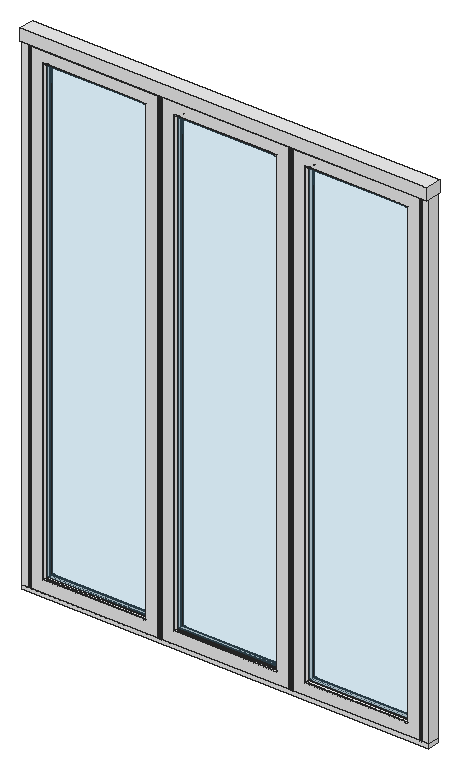
Revit family "Window-NanaWall-WD-66", category Windows, host Wall, Revit 2013
Parameters (values of type "Standard")
  Y N Override Stack [instance] = no
  Y N Override Number of Panels [instance] = no
  Warranty URL = "http://www.nanawall.com/support/warranty"
  URL = "http://www.nanawall.com/design/autocad"
  U Value = 0.2
  Thickness = 0' - 2 5/8"
  Subcategory = "Folding Window"  # constant formula
  Stack Thickness [instance] = 0' 2 153/256" * Panels  # 0' - 7 203/256"
  Split Stack Right [instance] = 4
  Split Stack [instance] = no
  Size Comment [instance] = if(or(Y N Override Stack, Y N Override Number of Panels), "CONTACT NANAWALL FOR SPECIAL SIZING", " ")  # " "
  Size Chart [instance] = "http://www.nanawall.com/products/wd66/sizes"
  Single Right Stack [instance] = if(and(Y N Override Stack, Left Stack), 1 = 0, if(Right Standard = 1, 1 = 1, if(and(C Split Stack, Split Stack Right = 1), 1 = 1, 1 = 0)))  # no
  Single Panel [instance] = if(and(Closed, Width < 3' 3 1/16"), 1 = 1, if(Width > 3' 3", 1 = 0, 1 = 0))  # no
  Single Left Stack [instance] = if(and(not(Y N Override Stack), (Left Standard = 1)), 1 = 1, if(and(Y N Override Stack, Left Stack, (Panels = 1)), 1 = 1, (if(and(C Split Stack, Split Stack Right = Panels - 1), 1 = 1, 1 = 0))))  # yes
  Sills Available = "Raised, Low Profile Saddle, Flush"  # constant formula
  Sash = Metal - NanaWall - Aluminum
  Rough Width = Width - (2 * (0' 1 141/256"))  # 7' - 8 115/128"
  Rough Height = Height - 0' 2 183/256"  # 9' - 7 73/256"
  Right Standard [instance] = roundup(Panels / 2)  # 2
  Right Stack Width [instance] = RS C * Thickness  # 0' - 5 1/4"
  Right Stack [instance] = no
  RS C [instance] = if(RS = 1, 2, if(RS = 0, 2, if(C Split Stack, Split Stack Right, RS)))  # 2
  RS [instance] = if(Not Override Stack, Right Standard, if(C Right Stack, Panels, if(C Left Stack, 2, if(C Split Stack, Split Stack Right, 2))))  # 2
  Product Page URL = "http://www.nanawall.com/products/wd66"
  Performance URL = "http://www.nanawall.com/products/wd66/performance"
  Panels [instance] = if(Y N Override Number of Panels, Override Number of Panels, Panel Constraint)  # 3
  Panel Width [instance] = Opening Width / Panels  # 2' - 6.96615"
  Panel Height = Height Constraint - 0' 2 23/32"  # 9' - 7 9/32"
  Panel Constraint [instance] = if(Width < 3' 3", 1, if(Width < 6' 6", 2, if(Width < 9' 10", 3, if(Width < 13' 1", 4, if(Width < 16' 4", 5, if(Width < 19' 8", 6, if(Width < 22' 10", 7, if(Width < 26' 1", 8, if(Width < 29' 4", 9, if(Width < 32' 9", 10, if(Width < 36' 1", 11, if(Width < 39' 4", 12, if(Width < 42' 0", 13, if(Width < 45' 0", 14, if(Width < 48' 0", 15, if(Width < 51' 0", 16, if(Width < 54' 0", 17, if(Width < 57' 0", 18, if(Width < 60' 0", 19, 20)))))))))))))))))))  # 3
  Override Number of Panels [instance] = 4
  Opening Width = Width - (0' 1 141/256" + 0' 1 141/256")  # 7' - 8 115/128"
  Open Right Single [instance] = if(and(Open, Single Right Stack), 1 = 1, 1 = 0)  # no
  Open Right Multi [instance] = if(and(Open, Multiple Right Stack), 1 = 1, 1 = 0)  # no
  Open Left Single [instance] = if(and(Open, Single Left Stack), 1 = 1, 1 = 0)  # no
  Open Left Multi [instance] = if(and(Open, Multiple Left Stack), 1 = 1, 1 = 0)  # no
  Open [instance] = no
  Not Override Stack [instance] = not(Y N Override Stack)  # yes
  NanaWall Configurator = "http://www.nanawall.com/content/select-wizard"
  Multiple Right Stack [instance] = if(Width < 3' 3 1/16", 1 = 0, if(and(Right Standard < 1.5, Not Override Stack), 1 = 0, if(and(Right Standard > 1, Not Override Stack), 1 = 1, (if(and(C Split Stack, Split Stack Right > 1), 1 = 1, if(C Right Stack, 1 = 1, 1 = 0))))))  # yes
  Multiple Panel [instance] = if(and(Open, Width > 3' 3 1/16"), 1 = 0, if(and(Closed, Width > 3' 3 1/16"), 1 = 1, if(Width < 3' 3", 1 = 0, 1 = 1)))  # yes
  Multiple Left Stack [instance] = if(and(Left Standard > 1, Not Override Stack), 1 = 1, (if(and(C Split Stack, Split Stack Right < Panels - 1), 1 = 1, if(C Left Stack, 1 = 1, 1 = 0))))  # no
  Model = "WD-66"  # constant formula
  Max Panel Height = if(Panel Height > 9' 10", 9' 10", Panel Height)  # 9' - 7 9/32"
  Manufacturer Toll Free Phone = "(888) 411-NANA(6262)"  # constant formula
  Manufacturer Phone = "(415) 383-3148"  # constant formula
  Manufacturer Fax = "(415) 383-0312"  # constant formula
  Manufacturer Email = "mailto:info@nanawall.com"
  Manufacturer Address = "100 Meadowcreek Drive #250, Corte Madera, CA 94925"  # constant formula
  Manufacturer = "NanaWall Systems, Inc."  # constant formula
  Left Standard [instance] = rounddown(Panels / 2)  # 1
  Left Stack Width [instance] = LS C * Thickness  # 0' - 5 1/4"
  Left Stack [instance] = no
  LS C [instance] = if(LS = 1, 2, if(LS = 0, 2, if(C Split Stack, Panels - Split Stack Right, LS)))  # 2
  LS [instance] = if(Not Override Stack, Left Standard, if(C Left Stack, Panels, if(C Right Stack, 2, if(C Split Stack, Panels - Split Stack Right, 2))))  # 1
  Installation and Service URL = "http://www.nanawall.com/support/installer"
  Height Constraint = if(Height < 3' 3", 3' 3", if(Height > 9' 10", 9' 10", Height))  # 9' - 10"
  Height = 9' - 10"
  Wall Closure = By host
  Width = 8' - 0"
  Half Panel Width [instance] = Panel Width / 2  # 1' - 3.48307"
  Glazing Options = "http://www.nanawall.com/products/wd66/glazing"
  Glass Material = Glass - NanaWall - Generic
  Filler = Rubber - NanaWall - Black
  Exterior Wall Offset = 0' - 5"
  Engineering Details URL = "http://www.nanawall.com/products/wd66/component"
  Disclaimer = "Please note that the Revit model is for schematic purposes only.  To obtain a detailed 3D model, please go to the NanaWall's configurator at www.nanawall.com."  # constant formula
  Description = "Standard Wood Framed Folding System"  # constant formula
  Cost Info = "http://www.nanawall.com/design_wizard/wD66/quote-HL-4"
  Closed [instance] = not(Open)  # yes
  Clearance On [instance] = no
  C Split Stack [instance] = if(and(Y N Override Stack, Split Stack), 1 = 1, if(Right Stack, 1 = 0, if(Left Stack, 1 = 0, 1 = 0)))  # no
  C Right Stack [instance] = if(and(Y N Override Stack, Right Stack), 1 = 1, if(Left Stack, 1 = 0, if(Split Stack, 1 = 0, 1 = 1)))  # yes
  C Panels [instance] = if(Panels < 2, 2, Panels)  # 3
  C Left Stack [instance] = if(and(Y N Override Stack, Left Stack), 1 = 1, if(Right Stack, 1 = 0, if(Split Stack, 1 = 0, 1 = 0)))  # no
  Assembly Code = "B2030110"
  95 CSI = "8411"  # constant formula
  04 CSI = "08 41 13"  # constant formula
Reference planes (in)
  plane 1 "Center (Front/Back)": y = 0
  plane 2 "Center (Left/Right)": x = 0
  plane 3 "Left": x = -48
  plane 4 "Right": x = 48
  plane 5 "Top": z = 118
  plane 6: z = 115.2856791
  plane 7 "Top Edge Of Sill": z = 0.921875
  plane 8: z = 59
  plane 9: x = -46.4492188
  plane 10: x = 46.4492188
  plane 11: x = 40.9192913
  plane 12: x = 15.4830729
  plane 13: y = -2
  plane 14: y = -3.2978809
  plane 15: x = 46.1692913
  plane 16: x = -46.1692913
  plane 17: x = -40.9192913
Lines and regions (in)
  Opening 1
    outline origin (-90, -3, 0) x (1, 0, 0) y (0, 0, 1)
      loop
        line (42, 0) -> (138, 0) -> (138, 118) -> (42, 118) -> (42, 0)
  symbolic lines
    curve 1: line (-48, -0.7011719, 0) -> (48, -0.7011719, 0)
    curve 2: line (-48, -3.2988281, 0) -> (48, -3.2988281, 0)
  symbolic lines, visible <- "Clearance On"
    curve 3: line (-46.1692913, -34.2640268, 0) -> (-46.1692913, -3.2978809, 0)
    curve 4: line (46.1692913, -34.2640268, 0) -> (-46.1692913, -34.2640268, 0)
    curve 5: line (46.1692913, -3.2978809, 0) -> (46.1692913, -34.2640268, 0)
Text (in)
  text "Exterior" at (-74.9673292, 27.3110449, 0), in view "Ref. Level"
  text "Interior" at (-74.9673292, -25.1436555, 0), in view "Ref. Level"
  text "Exterior" at (0, 40.1514891, 123.0158834), in view "Right"
  text "Interior" at (0, -64.3913889, 123.0158834), in view "Right"
  text "Interior" at (0, -31.0159946, 123.0069277), in view "Left"
  text "Exterior" at (0, 54.5706505, 123.0069277), in view "Left"
Dimensions and locks (in)
  "Height Constraint": level to plane 5 "Top"
  "Width": plane 3 "Left" to plane 4 "Right"
  equal spacing: plane 3 "Left", plane 2 "Center (Left/Right)", plane 4 "Right"
  locked: level to plane 7 "Top Edge Of Sill" at 0.921875
  locked: plane 6 to plane 5 "Top" at 2.7143209
  equal spacing: level, plane 8, plane 5 "Top"
  locked: plane 3 "Left" to plane 9 at 1.5507813
  locked: plane 10 to plane 4 "Right" at 1.5507813
  host wall to host wall = 14' - 8"
  plane 10 to plane 4 "Right" = 0' - 1 141/256"
  "Right Stack Width": plane 11 to plane 15
  "Panel Width": plane 12 to plane 10
  "Exterior Wall Offset": host wall to plane 13
  equal spacing: group 1, group 3, group 2  (x3)
  group 5 to group 4 = 0' - 2 5/8"
  group 4 to group 5 = 0' - 0"  (x2)
  locked: plane 13 to plane 14 at 1.2978809
  plane 3 "Left" to plane 9 = 0' - 1 141/256"
  locked: plane 15 to plane 4 "Right" at 1.8307087
  locked: plane 3 "Left" to plane 16 at 1.8307087
  "Left Stack Width": plane 16 to plane 17
  group 6 to group 7 = 0' - 2 5/8"
  group 6 to group 7 = 0' - 0"  (x2)
  group 8 to group 9 = 0' - 2 167/256"
  group 8 to group 9 = 0' - 0"  (x2)
  group 11 to group 10 = 0' - 2 167/256"
  group 10 to group 11 = 0' - 0"  (x2)
  curve 2 to plane 13 to curve 1 = 0' - 1.29883" locked, 0' - 1.29883" locked
  "Panel Width": plane 14 to curve 4
  aligned and locked: plane 3 "Left" to Opening 1 sketch curve
  aligned and locked: plane 5 "Top" to Opening 1 sketch curve  (x2)
  aligned and locked: Opening 1 sketch curve to plane 4 "Right"
  aligned and locked: Opening 1 sketch curve to level
  aligned and locked: plane 9 to nested 2
  aligned and locked: nested 1 to nested 4
  aligned and locked: plane 5 "Top" to nested 4
  aligned and locked: plane 3 "Left" to nested 5
  aligned and locked: nested 3 to level
  aligned and locked: nested 2 to plane 13
  aligned and locked: plane 10 to nested 7
  aligned and locked: nested 7 to plane 13
  aligned and locked: nested 8 to plane 13
  aligned and locked: plane 14 to nested 9
  aligned and locked: nested 5 to plane 13
  aligned and locked: nested 3 to plane 13
  aligned and locked: plane 4 "Right" to nested 3
  aligned and locked: plane 3 "Left" to nested 3
  aligned and locked: nested 2 to level
  aligned and locked: nested 7 to level
  aligned and locked: nested 1 to level
  aligned and locked: level to nested 5
  aligned and locked: plane 14 to nested 6
  aligned and locked: nested 1 to plane 13
  aligned and locked: nested 1 to plane 4 "Right"
  aligned and locked: plane 15 to nested 6
  aligned and locked: nested 9 to plane 11
  aligned and locked: plane 14 to nested 11
  aligned and locked: plane 15 to nested 11
  aligned and locked: plane 14 to nested 12
  aligned and locked: plane 16 to nested 12
  aligned and locked: plane 14 to nested 10
  aligned and locked: plane 16 to nested 10
  aligned and locked: nested 14 to level
  aligned and locked: nested 15 to level
  aligned and locked: nested 16 to level
  aligned and locked: nested 17 to level
  aligned and locked: nested 16 to plane 14
  aligned and locked: nested 17 to plane 14
  aligned and locked: nested 15 to plane 14
  aligned and locked: nested 14 to plane 14
  aligned and locked: nested 14 to plane 16
  aligned and locked: nested 18 to level
  aligned and locked: nested 15 to plane 16
  aligned and locked: plane 15 to nested 16
  aligned and locked: nested 19 to level
  aligned and locked: plane 15 to nested 17
  aligned and locked: nested 18 to plane 14
  aligned and locked: nested 19 to plane 14
  aligned and locked: nested 13 to plane 17
  aligned and locked: nested 18 to plane 17
  aligned and locked: plane 11 to nested 19
  aligned and locked: plane 11 to nested 9
  aligned and locked: plane 14 to nested 13
  aligned and locked: nested 13 to plane 14
  aligned and locked: plane 3 "Left" to curve 1
  aligned and locked: plane 3 "Left" to curve 2
  aligned and locked: plane 4 "Right" to curve 1
  aligned and locked: plane 4 "Right" to curve 2
  aligned and locked: curve 3 to plane 16
  aligned and locked: curve 5 to plane 15
  aligned and locked: nested 20 to plane 9
  aligned and locked: nested 20 to plane 13
Automatic sketch dimensions
  curve 3 to plane 14 = 0' - 0"
  plane 14 to curve 5 = 0' - 0"
Nested families (in)
  nested 1: "Right-Jamb_WD-66" at (55.3020696, -2, 0), type "Right-Jamb_WD-66"
  nested 2: "Sash_WD-66_NanaWall" at (-30.978493, 5.7011719, 0), visible <- "Multiple Panel", type "Sash_WD-66_NanaWall"
  nested 3: "Sill_WD-66" at (7.3020696, -2, -0.921875), type "Sill_WD-66"
  nested 4: "Header_WD-66" at (7.3020696, -2, 0), type "Header_WD-66"
  nested 5: "Left-Jamb_WD-66" at (-40.6979304, -2, 0), type "Left-Jamb_WD-66"
  nested 6: "DetailItem_Panel" at (44.8115174, -17.1207874, 0), visible <- "Multiple Right Stack", type "DetailItem_Panel"
    with Panel Thickness 0' - 2 5/8", Panel Width 2' - 6.96615"
  nested 7: "Sash_WD-66_NanaWall" at (30.9537064, 5.7011719, 0), visible <- "Multiple Panel", type "Sash_WD-66_NanaWall"
  nested 8: "Sash_WD-66_NanaWall" at (-0.0123933, 5.7011719, 0), visible <- "Multiple Panel", type "Sash_WD-66_NanaWall"
  nested 9: "DetailItem_Panel" at (42.1865174, -17.1207874, 0), visible <- "Multiple Right Stack", type "DetailItem_Panel"
    with Panel Thickness 0' - 2 5/8", Panel Width 2' - 6.96615"
  nested 10: "DetailItem_Panel" at (-44.9020652, -17.1207874, 0), visible <- "Single Left Stack", type "DetailItem_Panel"
    with Panel Thickness 0' - 2 5/8", Panel Width 2' - 6.96615"
  nested 11: "DetailItem_Panel" at (44.8115174, -17.1207874, 0), visible <- "Single Right Stack", type "DetailItem_Panel"
    with Panel Thickness 0' - 2 5/8", Panel Width 2' - 6.96615"
  nested 12: "DetailItem_Panel" at (-44.9020652, -17.1207874, 0), visible <- "Multiple Left Stack", type "DetailItem_Panel"
    with Panel Thickness 0' - 2 5/8", Panel Width 2' - 6.96615"
  nested 13: "DetailItem_Panel" at (-42.2770652, -17.1207874, 0), visible <- "Multiple Left Stack", type "DetailItem_Panel"
    with Panel Thickness 0' - 2 5/8", Panel Width 2' - 6.96615"
  nested 14: "Sash_WD-66_NanaWall" at (-37.1692913, -18.7686067, 0) x (0, -1, 0) z (0, 0, 1), visible <- "Open Left Multi", type "Sash_WD-66_NanaWall"
  nested 15: "Sash_WD-66_NanaWall" at (-37.1692913, -18.7686067, 0) x (0, -1, 0) z (0, 0, 1), visible <- "Open Left Single", type "Sash_WD-66_NanaWall"
  nested 16: "Sash_WD-66_NanaWall" at (52.5716351, -18.7686067, 0) x (0, -1, 0) z (0, 0, 1), visible <- "Open Right Multi", type "Sash_WD-66_NanaWall"
  nested 17: "Sash_WD-66_NanaWall" at (52.5716351, -18.7686067, 0) x (0, -1, 0) z (0, 0, 1), visible <- "Open Right Single", type "Sash_WD-66_NanaWall"
  nested 18: "Sash_WD-66_NanaWall" at (-34.5169476, -18.7686067, 0) x (0, -1, 0) z (0, 0, 1), visible <- "Open Left Multi", type "Sash_WD-66_NanaWall"
  nested 19: "Sash_WD-66_NanaWall" at (49.9192913, -18.7686067, 0) x (0, -1, 0) z (0, 0, 1), visible <- "Open Right Multi", type "Sash_WD-66_NanaWall"
  nested 20: "Sash_WD-66_NanaWall" at (-0.0123471, 5.7011719, 0), visible <- "Single Panel", type "Sash_WD-66_NanaWall Full"
Definition of nested family "Right-Jamb_WD-66"
  Parameters (values of type "Right-Jamb_WD-66")
    Width = 1' - 0"
    Right Jamb = none
    Height = 9' - 7 9/32"
    Half = yes
    Assembly Code = ""
  Reference planes (in)
    plane 1 "Center (Front/Back)": y = 0
    plane 2: z = 0
    plane 3 "Center (Left/Right)": x = -7.3020696
    plane 4 "Top": z = 115.28125
  Forms (in)
    Sweep 1, solid, material <- "Right Jamb"
      path origin (-7.3020696, 0, 0) x (0, 1, 0) y (0, 0, -1)
        loop
          line (0, -115.28125) -> (0, 0)
      profile "Profile_Right-Jamb_WD66 : Profile_Right-Jamb_WD66" origin (-7.3020696, 0, 57.640625) x (0, -1, 0) y (-1, 0, 0)
        loop
          line (-1.2992126, 0) -> (1.2992126, 0) -> (1.2992126, 1.5748031) -> (-1.2992126, 1.5748031) -> (-1.2992126, 0)
  Lines and regions (in)
    Masking region 1
      outline origin (0, 0, 0) x (1, 0, 0) y (0, 1, 0)
        loop
          line (-7.3020696, 1.2992126) -> (-8.8768727, 1.2992126) -> (-8.8768727, -1.2992126) -> (-7.3020696, -1.2992126) -> (-7.3020696, 1.2992126)
  Dimensions and locks (in)
    "Height": plane 4 "Top" to level
    plane 4 "Top" to level = 9' - 7 9/32"
    aligned and locked: plane 3 "Center (Left/Right)" to nested 1
    aligned and locked: Masking region 1 sketch curve to plane 3 "Center (Left/Right)"
  Automatic sketch dimensions
    Sweep 1 sketch curve to level = 0' - 0"
    Sweep 1 sketch curve to plane 1 "Center (Front/Back)" = 0' - 0"
    Sweep 1 sketch curve to plane 4 "Top" = 0' - 0"
    Masking region 1 sketch curve to plane 3 "Center (Left/Right)" = 0' - 1.5748"
    plane 1 "Center (Front/Back)" to Masking region 1 sketch curve = 0' - 1.29921"
    Masking region 1 sketch curve to plane 1 "Center (Front/Back)" = 0' - 1.29921"
  Nested families (in)
    nested 1: "RightJamb_WD66" at (-12.5244976, 0.0393701, 0), type "RightJamb_WD66", detail levels fine
  Definition of nested family "RightJamb_WD66"
    Parameters (values of type "RightJamb_WD66")
      SmartBIM Object Version = 1  # constant formula
      SmartBIM Object Created By = "Reed Construction Data"  # constant formula
      Half Piece = yes
      Assembly Code = ""
      95 CSI = ""
      04 CSI = ""
    Reference planes (in)
      plane 1 "Center (Front/Back)": y = 0
      plane 2: z = 0
      plane 3 "Center (Left/Right)": x = 0
    Lines and regions (in)
      model lines, style "DetailComponents", in view "Ref. Level", visible <- "Half Piece"
        curve 1: line (0.4237998, -1.3385827, 0) -> (0.714554, -1.3385827, 0)
        curve 2: line (0.7736091, -1.2795276, 0) -> (0.7736091, -0.5708661, 0)
        curve 6: line (0.8523493, -1.3385827, 0) -> (3.0373887, -1.3385827, 0)
        curve 7: line (3.0373887, 1.2598425, 0) -> (0.7736091, 1.2598425, 0)
        curve 8: arc (0.0585694, -0.7683496, 0) -> (0.0669034, -0.7722358, 0) -> (0.0707896, -0.7639018, 0) r 0.0065022
        curve 9: arc (0.0829057, -0.7285851, 0) -> (0.0690065, -0.7380304, 0) -> (0.0674638, -0.7547642, 0) r 0.019685
        curve 10: arc (0.1345302, -0.7204724, 0) -> (0.139085, -0.7276127, 0) -> (0.1474799, -0.7264922, 0) r 0.007874
        curve 11: arc (0.1823077, -0.7204724, 0) -> (0.1868625, -0.7276127, 0) -> (0.1952573, -0.7264922, 0) r 0.007874
        curve 12: arc (0.2300851, -0.7204724, 0) -> (0.2338181, -0.7271696, 0) -> (0.2414775, -0.7275167, 0) r 0.007874
        curve 13: arc (0.2696739, -0.7202431, 0) -> (0.269725, -0.725248, 0) -> (0.2736558, -0.7283465, 0) r 0.0057952
        curve 14: arc (0.1081996, -0.5514536, 0) -> (0.101359, -0.5528033, 0) -> (0.0982719, -0.5590551, 0) r 0.007874
        curve 15: arc (-0.0020537, -0.5511811, 0) -> (-0.0080685, -0.5539736, 0) -> (-0.0098171, -0.5603703, 0) r 0.007874
        curve 16: arc (0.2163993, -0.5514536, 0) -> (0.2095587, -0.5528033, 0) -> (0.2064716, -0.5590551, 0) r 0.007874
        curve 17: arc (0.2848203, -0.6878408, 0) -> (0.2804085, -0.6761411, 0) -> (0.2679606, -0.6749603, 0) r 0.011811
        curve 18: arc (0.3669491, -0.5965592, 0) -> (0.3474107, -0.5717528, 0) -> (0.3160692, -0.5679039, 0) r 0.0414549
        curve 19: arc (0.233323, -0.5772994, 0) -> (0.2578397, -0.5805238, 0) -> (0.2823412, -0.5771851, 0) r 0.0931661
        curve 20: arc (0.2696739, -0.7202431, 0) -> (0.2792011, -0.7049553, 0) -> (0.2848203, -0.6878408, 0) r 0.0752184
        curve 21: arc (0.2822255, -0.7283465, 0) -> (0.354001, -0.6813623, 0) -> (0.3669491, -0.5965592, 0) r 0.1052291
        curve 22: arc (-0.0098171, -0.5603703, 0) -> (0.0142035, -0.6677049, 0) -> (0.0585694, -0.7683496, 0) r 0.5648652
        curve 23: arc (0.3011682, 0.5511811, 0) -> (0.3602233, 0.5245227, 0) -> (0.4192784, 0.5511811, 0) r 0.0787402
        curve 24: arc (0.3995934, 0.3937008, 0) -> (0.4135128, 0.3994664, 0) -> (0.4192784, 0.4133858, 0) r 0.019685
        curve 25: arc (0.4026451, 0.6028919, 0) -> (0.4132635, 0.6007797, 0) -> (0.4192784, 0.6097817, 0) r 0.0097436
        curve 26: arc (0.3011682, 0.6099785, 0) -> (0.3071831, 0.6009766, 0) -> (0.3178016, 0.6030887, 0) r 0.0097436
        curve 27: arc (0.2643842, 0.4212598, 0) -> (0.2583576, 0.4200611, 0) -> (0.2532486, 0.4166474, 0) r 0.015748
        curve 28: arc (0.337493, 0.4133858, 0) -> (0.3317288, 0.41915, 0) -> (0.3238548, 0.4212598, 0) r 0.015748
        curve 29: arc (-0.0232253, 0.4201185, 0) -> (-0.0208524, 0.402095, 0) -> (-0.0047274, 0.3937008, 0) r 0.019685
        curve 30: arc (0.0662462, 0.6168118, 0) -> (0.0553381, 0.6199912, 0) -> (0.0467958, 0.6124997, 0) r 0.011811
        curve 31: circle (3.3917194, -1.6732283, 0) r 0.1614173 normal (0, 0, 1)
        curve 32: circle (3.3917194, -1.6732283, 0) r 0.1604331 normal (0, 0, 1)
        curve 33: arc (3.0767587, -1.6732283, 0) -> (3.6144302, -1.8959391, 0) -> (3.3917194, -1.3582677, 0) r 0.3149606
        curve 34: circle (3.3917194, -1.6732283, 0) r 0.1811024 normal (0, 0, 1)
        curve 35: arc (3.70668, -1.3779528, 0) -> (3.7009144, -1.3640333, 0) -> (3.686995, -1.3582677, 0) r 0.019685
        curve 36: arc (3.0964438, -1.3582677, 0) -> (3.0825244, -1.3640333, 0) -> (3.0767587, -1.3779528, 0) r 0.019685
        curve 38: arc (3.6279398, -0.247697, 0) -> (3.6982538, 0.0329958, 0) -> (3.5098296, 0.2526062, 0) r 0.3149606
        curve 49: arc (3.5409911, -0.3346457, 0) -> (3.6024732, -0.309179, 0) -> (3.6279398, -0.247697, 0) r 0.0869487
        curve 50: arc (3.5098296, -0.3346457, 0) -> (3.4819908, -0.3461769, 0) -> (3.4704595, -0.3740157, 0) r 0.0393701
        curve 52: arc (3.527799, 0.5132687, 0) -> (3.5150013, 0.5069576, 0) -> (3.5098296, 0.4936585, 0) r 0.019685
        curve 53: arc (2.7633866, 0.1513451, 0) -> (2.7436332, 0.1533763, 0) -> (2.7321612, 0.1371678, 0) r 0.019685
        curve 54: arc (2.7321612, -0.215908, 0) -> (2.7436332, -0.2321164, 0) -> (2.7633866, -0.2300853, 0) r 0.019685
        curve 55: arc (3.2736091, 0.2526062, 0) -> (3.0851849, 0.0329958, 0) -> (3.1554989, -0.247697, 0) r 0.3149606
        curve 56: arc (3.3129792, -0.3740157, 0) -> (3.301448, -0.3461769, 0) -> (3.2736091, -0.3346457, 0) r 0.0393701
        curve 57: arc (3.1554989, -0.247697, 0) -> (3.1809656, -0.309179, 0) -> (3.2424476, -0.3346457, 0) r 0.0869487
        curve 58: arc (2.7633866, -0.2300853, 0) -> (2.8169811, -0.1756033, 0) -> (2.8503764, -0.1068616, 0) r 0.2362205
        curve 59: arc (2.945296, -0.1148294, 0) -> (2.9782575, -0.2238618, 0) -> (3.0373887, -0.321217, 0) r 0.4527559
        curve 60: arc (2.945296, -0.1148294, 0) -> (2.938593, -0.1030755, 0) -> (2.9258863, -0.0984252, 0) r 0.019685
        curve 61: arc (2.9258863, 0.019685, 0) -> (2.938593, 0.0243354, 0) -> (2.945296, 0.0360892, 0) r 0.019685
        curve 62: arc (2.9980186, 0.184209, 0) -> (2.9651786, 0.1124552, 0) -> (2.945296, 0.0360892, 0) r 0.4527559
        curve 63: arc (2.8503764, 0.0281215, 0) -> (2.8169811, 0.0968631, 0) -> (2.7633866, 0.1513451, 0) r 0.2362205
        curve 64: arc (2.8616951, -0.0984252, 0) -> (2.8546367, -0.1007663, 0) -> (2.8503764, -0.1068616, 0) r 0.011811
        curve 65: arc (2.8503764, 0.0281215, 0) -> (2.8546367, 0.0220262, 0) -> (2.8616951, 0.019685, 0) r 0.011811
        curve 66: arc (3.2736091, 0.4936585, 0) -> (3.2684374, 0.5069576, 0) -> (3.2556398, 0.5132687, 0) r 0.019685
        curve 67: arc (3.0481559, 0.5314212, 0) -> (3.033787, 0.5268906, 0) -> (3.0268302, 0.5135267, 0) r 0.019685
        curve 68: arc (2.722428, -0.104658, 0) -> (2.7421131, -0.0393701, 0) -> (2.722428, 0.0259178, 0) r 0.1181102
        curve 69: arc (2.9848851, 0.7130489, 0) -> (2.982266, 0.7069146, 0) -> (2.9852939, 0.7009713, 0) r 0.007874
        curve 70: arc (3.0137995, 0.6419162, 0) -> (3.0214665, 0.6407761, 0) -> (3.0263955, 0.6467584, 0) r 0.007874
        curve 71: arc (3.0400817, 0.6711584, 0) -> (3.0334517, 0.6705783, 0) -> (3.0296343, 0.6651265, 0) r 0.007874
        curve 72: arc (2.9376501, 0.7130489, 0) -> (2.935031, 0.7069146, 0) -> (2.9380589, 0.7009713, 0) r 0.007874
        curve 73: arc (3.0226831, 0.7802096, 0) -> (3.0175255, 0.781982, 0) -> (3.0124533, 0.779978, 0) r 0.007874
        curve 74: arc (3.0520942, 0.7561994, 0) -> (3.0559077, 0.7545118, 0) -> (3.0600483, 0.7550084, 0) r 0.007874
        curve 75: arc (3.0176803, 0.7334705, 0) -> (3.0125226, 0.7352429, 0) -> (3.0074504, 0.7332389, 0) r 0.007874
        curve 76: arc (3.1358139, 0.5497006, 0) -> (3.1473451, 0.5218617, 0) -> (3.1751839, 0.5103305, 0) r 0.0393701
        curve 77: arc (3.1252468, 0.6820576, 0) -> (3.1324562, 0.6830067, 0) -> (3.1358139, 0.6894568, 0) r 0.007874
        curve 78: arc (3.3523493, 0.5103305, 0) -> (3.3801881, 0.5218617, 0) -> (3.3917194, 0.5497006, 0) r 0.0393701
        curve 79: arc (3.1358139, 0.7316833, 0) -> (3.1323318, 0.7382187, 0) -> (3.1249653, 0.7389739, 0) r 0.007874
        curve 80: arc (3.1554989, 1.0221415, 0) -> (3.1415795, 1.0163759, 0) -> (3.1358139, 1.0024565, 0) r 0.019685
        curve 81: arc (3.3917194, 1.0024565, 0) -> (3.3859538, 1.0163759, 0) -> (3.3720343, 1.0221415, 0) r 0.019685
        curve 89: arc (3.6082548, 0.5103305, 0) -> (3.6360937, 0.5218617, 0) -> (3.6476249, 0.5497006, 0) r 0.0393701
        curve 91: arc (3.3917194, 0.5497006, 0) -> (3.4032506, 0.5218617, 0) -> (3.4310895, 0.5103305, 0) r 0.0393701
        curve 93: arc (3.6476249, 1.0024565, 0) -> (3.6418593, 1.0163759, 0) -> (3.6279398, 1.0221415, 0) r 0.019685
        curve 94: arc (3.4114044, 1.0221415, 0) -> (3.397485, 1.0163759, 0) -> (3.3917194, 1.0024565, 0) r 0.019685
        curve 95: arc (2.9848062, -0.7770417, 0) -> (2.9817783, -0.782985, 0) -> (2.9843975, -0.7891193, 0) r 0.007874
        curve 96: arc (3.0259078, -0.7228289, 0) -> (3.0209788, -0.7168465, 0) -> (3.0133118, -0.7179866, 0) r 0.007874
        curve 97: arc (3.0291466, -0.7411969, 0) -> (3.032964, -0.7466487, 0) -> (3.0395941, -0.7472288, 0) r 0.007874
        curve 98: arc (2.9375712, -0.7770417, 0) -> (2.9345433, -0.782985, 0) -> (2.9371625, -0.7891193, 0) r 0.007874
        curve 99: arc (3.0119656, -0.8560485, 0) -> (3.0170378, -0.8580524, 0) -> (3.0221954, -0.85628, 0) r 0.007874
        curve 100: arc (3.0595606, -0.8310789, 0) -> (3.0554201, -0.8305822, 0) -> (3.0516066, -0.8322698, 0) r 0.007874
        curve 101: arc (3.0069628, -0.8093093, 0) -> (3.012035, -0.8113133, 0) -> (3.0171926, -0.8095409, 0) r 0.007874
        curve 102: arc (3.1746963, -0.5864009, 0) -> (3.1468574, -0.5979321, 0) -> (3.1353262, -0.625771, 0) r 0.0393701
        curve 103: arc (3.1353262, -0.7655272, 0) -> (3.1319685, -0.7590772, 0) -> (3.1247591, -0.758128, 0) r 0.007874
        curve 104: arc (3.3912317, -0.625771, 0) -> (3.3797005, -0.5979321, 0) -> (3.3518616, -0.5864009, 0) r 0.0393701
        curve 105: arc (3.1244776, -0.8150443, 0) -> (3.1318441, -0.8142891, 0) -> (3.1353262, -0.8077537, 0) r 0.007874
        curve 106: arc (3.1358139, -1.0828813, 0) -> (3.1427275, -1.093909, 0) -> (3.1550112, -1.0982119, 0) r 0.019685
        curve 107: arc (3.3715467, -1.0982119, 0) -> (3.3854661, -1.0924463, 0) -> (3.3912317, -1.0785269, 0) r 0.019685
        curve 115: arc (3.6471372, -0.625771, 0) -> (3.635606, -0.5979321, 0) -> (3.6077671, -0.5864009, 0) r 0.0393701
        curve 117: arc (3.4306018, -0.5864009, 0) -> (3.4027629, -0.5979321, 0) -> (3.3912317, -0.625771, 0) r 0.0393701
        curve 119: arc (3.6274522, -1.0982119, 0) -> (3.6413716, -1.0924463, 0) -> (3.6471372, -1.0785269, 0) r 0.019685
        curve 120: arc (3.3912317, -1.0785269, 0) -> (3.3969973, -1.0924463, 0) -> (3.4109168, -1.0982119, 0) r 0.019685
        curve 121: arc (0.714554, -1.3385827, 0) -> (0.7563123, -1.3212858, 0) -> (0.7736091, -1.2795276, 0) r 0.0590551
        curve 122: arc (0.2018252, -1.1831544, 0) -> (0.2883093, -1.2958627, 0) -> (0.4237998, -1.3385827, 0) r 0.2362205
        curve 153: arc (2.8846847, 0.0801354, 0) -> (2.9102878, 0.1184531, 0) -> (2.9192784, 0.1636519, 0) r 0.1181102
        curve 154: arc (2.9192784, -0.2423921, 0) -> (2.9102878, -0.1971932, 0) -> (2.8846847, -0.1588755, 0) r 0.1181102
        curve 155: arc (3.1358139, -0.6692913, 0) -> (3.1300482, -0.6553719, 0) -> (3.1161288, -0.6496063, 0) r 0.019685
        curve 156: arc (3.1228615, -0.7169219, 0) -> (3.1322539, -0.7097149, 0) -> (3.1358139, -0.698424, 0) r 0.019685
        curve 157: arc (3.1358139, 0.6196839, 0) -> (3.1322539, 0.6309748, 0) -> (3.1228615, 0.6381818, 0) r 0.019685
        curve 158: arc (3.1161288, 0.5708661, 0) -> (3.1300482, 0.5766318, 0) -> (3.1358139, 0.5905512, 0) r 0.019685
        curve 159: arc (2.7421131, -0.8070866, 0) -> (2.7142742, -0.8186178, 0) -> (2.702743, -0.8464567, 0) r 0.0393701
        curve 160: arc (2.8208532, -0.8464567, 0) -> (2.8486921, -0.8349255, 0) -> (2.8602233, -0.8070866, 0) r 0.0393701
        curve 161: arc (2.702743, -0.6692913, 0) -> (2.6749041, -0.6808226, 0) -> (2.6633729, -0.7086614, 0) r 0.0393701
        curve 162: arc (2.8693701, -0.1435609, 0) -> (2.8523773, -0.1380367, 0) -> (2.8379168, -0.1485326, 0) r 0.019685
        curve 163: arc (2.6739579, -0.3543307, 0) -> (2.7518238, -0.3315301, 0) -> (2.8214157, -0.2898174, 0) r 0.3188976
        curve 164: arc (2.7226389, -0.258337, 0) -> (2.7896414, -0.2132651, 0) -> (2.8379168, -0.1485326, 0) r 0.2401575
        curve 165: arc (2.8405383, -0.2990933, 0) -> (2.833882, -0.2884665, 0) -> (2.8214157, -0.2898174, 0) r 0.011811
        curve 166: arc (2.6240028, -0.3149606, 0) -> (2.6355341, -0.3427995, 0) -> (2.6633729, -0.3543307, 0) r 0.0393701
        curve 167: arc (2.694869, -0.2403889, 0) -> (2.7038688, -0.2569215, 0) -> (2.7226389, -0.258337, 0) r 0.019685
        curve 168: arc (2.8379168, 0.0697924, 0) -> (2.7896414, 0.1345249, 0) -> (2.7226389, 0.1795969, 0) r 0.2401575
        curve 169: arc (2.8214157, 0.2110773, 0) -> (2.7518238, 0.25279, 0) -> (2.6739579, 0.2755906, 0) r 0.3188976
        curve 170: arc (2.8379168, 0.0697924, 0) -> (2.8523773, 0.0592965, 0) -> (2.8693701, 0.0648207, 0) r 0.019685
        curve 171: arc (2.8214157, 0.2110773, 0) -> (2.833882, 0.2097263, 0) -> (2.8405383, 0.2203531, 0) r 0.011811
        curve 172: arc (2.6633729, 0.2755906, 0) -> (2.6355341, 0.2640593, 0) -> (2.6240028, 0.2362205, 0) r 0.0393701
        curve 173: arc (2.7226389, 0.1795969, 0) -> (2.7038688, 0.1781814, 0) -> (2.694869, 0.1616488, 0) r 0.019685
        curve 174: arc (2.702743, 0.7677165, 0) -> (2.7142742, 0.7398777, 0) -> (2.7421131, 0.7283465, 0) r 0.0393701
        curve 175: arc (2.8602233, 0.7283465, 0) -> (2.8486921, 0.7561853, 0) -> (2.8208532, 0.7677165, 0) r 0.0393701
        curve 176: arc (2.6633729, 0.6299213, 0) -> (2.6749041, 0.6020824, 0) -> (2.702743, 0.5905512, 0) r 0.0393701
        curve 177: arc (3.0373887, -1.3385827, 0) -> (3.1069858, -1.3097546, 0) -> (3.1358139, -1.2401575, 0) r 0.0984252
        curve 178: arc (3.1358139, -0.9448819, 0) -> (3.1127514, -0.8892042, 0) -> (3.0570737, -0.8661417, 0) r 0.0787402
        curve 179: arc (3.0570737, 0.7874016, 0) -> (3.1127514, 0.810464, 0) -> (3.1358139, 0.8661417, 0) r 0.0787402
        curve 180: arc (3.1358139, 1.1614173, 0) -> (3.1069858, 1.2310144, 0) -> (3.0373887, 1.2598425, 0) r 0.0984252
        curve 181: arc (0.8720343, -0.9000145, 0) -> (0.8674289, -0.8873612, 0) -> (0.8557676, -0.8806285, 0) r 0.019685
        curve 182: arc (0.7736091, -0.849624, 0) -> (0.7782146, -0.8622773, 0) -> (0.7898759, -0.86901, 0) r 0.019685
        curve 183: arc (0.8557676, -1.0288203, 0) -> (0.8674289, -1.0220877, 0) -> (0.8720343, -1.0094344, 0) r 0.019685
        curve 184: arc (0.7898759, -1.0404388, 0) -> (0.7782146, -1.0471715, 0) -> (0.7736091, -1.0598248, 0) r 0.019685
        curve 185: arc (0.7736091, -1.2598425, 0) -> (0.7966716, -1.3155202, 0) -> (0.8523493, -1.3385827, 0) r 0.0787402
        curve 186: arc (0.7736091, -1.2598425, 0) -> (0.7966716, -1.3155202, 0) -> (0.8523493, -1.3385827, 0) r 0.0787402
        curve 187: arc (0.4545703, 1.2598425, 0) -> (0.3190798, 1.2171225, 0) -> (0.2325957, 1.1044142, 0) r 0.2362205
        curve 188: arc (0.0685092, 0.6535903, 0) -> (0.0663476, 0.6206104, 0) -> (0.0822446, 0.591634, 0) r 0.0590551
        curve 189: line (0.0674638, -0.7547642, 0) -> (0.0707896, -0.7639018, 0)
        curve 190: line (0.2822255, -0.7283465, 0) -> (0.2736558, -0.7283465, 0)
        curve 191: line (0.0829057, -0.7285851, 0) -> (0.1345302, -0.7204724, 0)
        curve 192: line (0, -0.5514536, 0) -> (0.0982719, -0.578004, 0)
        curve 193: line (0.0982719, -0.578004, 0) -> (0.0982719, -0.5590551, 0)
        curve 194: line (0.2163993, -0.5514536, 0) -> (0.233323, -0.5772994, 0)
        curve 195: line (0.1081996, -0.5514536, 0) -> (0.2064716, -0.578004, 0)
        curve 196: line (0.2064716, -0.578004, 0) -> (0.2064716, -0.5590551, 0)
        curve 197: line (0.2823412, -0.5771851, 0) -> (0.3160692, -0.5679039, 0)
        curve 198: line (0.1823077, -0.7204724, 0) -> (0.1823077, -0.6971268, 0)
        curve 199: line (0.1823077, -0.6971268, 0) -> (0.1474799, -0.7264922, 0)
        curve 200: line (0.2300851, -0.7204724, 0) -> (0.2300851, -0.6971268, 0)
        curve 201: line (0.2300851, -0.6971268, 0) -> (0.1952573, -0.7264922, 0)
        curve 202: line (0.2679606, -0.6749603, 0) -> (0.2414775, -0.7275167, 0)
        curve 203: line (0.337493, 0.4133858, 0) -> (0.3556772, 0.4015748, 0)
        curve 204: line (0.3556772, 0.4015748, 0) -> (0.3995934, 0.3937008, 0)
        curve 205: line (-0.0047274, 0.3937008, 0) -> (0.2056646, 0.3937008, 0)
        curve 206: line (0.2056646, 0.3937008, 0) -> (0.2532486, 0.4166474, 0)
        curve 207: line (0.0467958, 0.6124997, 0) -> (-0.0232253, 0.4201185, 0)
        curve 208: line (0.4026451, 0.6028919, 0) -> (0.3838454, 0.6417323, 0)
        curve 209: line (0.3838454, 0.6417323, 0) -> (0.3838454, 0.6083554, 0)
        curve 210: line (0.3838454, 0.6083554, 0) -> (0.4192784, 0.5511811, 0)
        curve 211: line (0.4192784, 0.5511811, 0) -> (0.4192784, 0.4133858, 0)
        curve 212: line (0.4192784, 0.6120621, 0) -> (0.3838454, 0.6692913, 0)
        curve 213: line (0.3838454, 0.6692913, 0) -> (0.3366013, 0.6692913, 0)
        curve 214: line (0.3366013, 0.6692913, 0) -> (0.3011682, 0.6122762, 0)
        curve 215: line (0.2643842, 0.4212598, 0) -> (0.3238548, 0.4212598, 0)
        curve 216: line (0.3178016, 0.6030887, 0) -> (0.3366013, 0.6417323, 0)
        curve 217: line (0.3366013, 0.6417323, 0) -> (0.3366013, 0.6083554, 0)
        curve 218: line (0.3366013, 0.6083554, 0) -> (0.3011682, 0.5511811, 0)
        curve 219: line (0.3011682, 0.5511811, 0) -> (0.1318769, 0.5511811, 0)
        curve 220: line (0.1318769, 0.5511811, 0) -> (0.0662462, 0.6168118, 0)
        curve 221: line (0.4192784, 0.5511811, 0) -> (0.4192784, 0.6889764, 0)
        curve 222: line (0.4192784, 0.6889764, 0) -> (0.3011682, 0.6889764, 0)
        curve 223: line (0.3011682, 0.6889764, 0) -> (0.3011682, 0.5511811, 0)
        curve 224: line (0.3011682, 0.5511811, 0) -> (0.2421131, 0.5511811, 0)
        curve 225: line (0.2421131, 0.5511811, 0) -> (0.3011682, 0.5511811, 0)
        curve 226: line (0.3011682, 0.5511811, 0) -> (0.3011682, 0.6889764, 0)
        curve 227: line (0.3011682, 0.6889764, 0) -> (0.4192784, 0.6889764, 0)
        curve 228: line (0.4192784, 0.6889764, 0) -> (0.4192784, 0.5511811, 0)
        curve 229: line (0.4192784, 0.5511811, 0) -> (0.7736091, 0.5511811, 0)
        curve 230: line (0.7736091, 0.5511811, 0) -> (0.7736091, 0.3543307, 0)
        curve 231: line (0.7736091, 0.3543307, 0) -> (0.8720343, 0.3543307, 0)
        curve 232: line (3.0373887, -0.321217, 0) -> (3.0373887, -0.635336, 0)
        curve 233: line (3.0373887, -0.635336, 0) -> (3.1358139, -0.6439471, 0)
        curve 234: line (3.1358139, -0.6439471, 0) -> (3.1358139, -1.3582677, 0)
        curve 235: line (3.1358139, -1.3582677, 0) -> (3.0964438, -1.3582677, 0)
        curve 236: line (3.4704595, -1.3188976, 0) -> (3.6476249, -1.3188976, 0)
        curve 237: line (3.70668, -1.3779528, 0) -> (3.70668, -1.635264, 0)
        curve 238: line (3.4704595, -0.5125852, 0) -> (3.4704595, -0.6496063, 0)
        curve 239: line (3.4704595, -0.6496063, 0) -> (3.3995934, -0.6496063, 0)
        curve 240: line (3.3995934, -0.6496063, 0) -> (3.3995934, -0.7086614, 0)
        curve 241: line (3.3995934, -0.7086614, 0) -> (3.4704595, -0.7086614, 0)
        curve 242: line (3.4704595, -0.7086614, 0) -> (3.4704595, -1.1023622, 0)
        curve 243: line (3.4704595, -1.1023622, 0) -> (3.3995934, -1.1023622, 0)
        curve 244: line (3.3995934, -1.1023622, 0) -> (3.3995934, -1.1614173, 0)
        curve 245: line (3.3995934, -1.1614173, 0) -> (3.4704595, -1.1614173, 0)
        curve 246: line (3.4704595, -1.1614173, 0) -> (3.4704595, -1.3582677, 0)
        curve 247: line (3.4704595, -1.3582677, 0) -> (3.3917194, -1.3582677, 0)
        curve 248: line (3.3917194, -1.3582677, 0) -> (3.3129792, -1.3582677, 0)
        curve 249: line (3.3129792, -1.3582677, 0) -> (3.3129792, -1.1614173, 0)
        curve 250: line (3.3129792, -1.1614173, 0) -> (3.3838454, -1.1614173, 0)
        curve 251: line (3.3838454, -1.1614173, 0) -> (3.3838454, -1.1023622, 0)
        curve 252: line (3.3838454, -1.1023622, 0) -> (3.3129792, -1.1023622, 0)
        curve 253: line (3.3129792, -1.1023622, 0) -> (3.3129792, -0.7086614, 0)
        curve 254: line (3.3129792, -0.7086614, 0) -> (3.3838454, -0.7086614, 0)
        curve 255: line (3.3838454, -0.7086614, 0) -> (3.3838454, -0.6496063, 0)
        curve 256: line (3.3838454, -0.6496063, 0) -> (3.3129792, -0.6496063, 0)
        curve 257: line (3.3129792, -0.6496063, 0) -> (3.3129792, -0.5125833, 0)
        curve 258: line (3.0767587, -1.3779528, 0) -> (3.0767587, -1.6732283, 0)
        curve 259: line (3.5098296, 0.2526062, 0) -> (3.5098296, 0.3535585, 0)
        curve 260: line (3.5098296, 0.3535585, 0) -> (3.5098296, 0.394473, 0)
        curve 269: line (3.6476249, -1.3582677, 0) -> (3.686995, -1.3582677, 0)
        curve 270: line (3.4704595, -0.4716687, 0) -> (3.4822706, -0.492126, 0)
        curve 271: line (3.4822706, -0.492126, 0) -> (3.4704595, -0.5125852, 0)
        curve 272: line (3.4704595, -0.5125852, 0) -> (3.4704595, -0.4716687, 0)
        curve 273: line (3.4704595, -0.4716687, 0) -> (3.4704595, -0.3740157, 0)
        curve 274: line (3.5098296, -0.3346457, 0) -> (3.5409911, -0.3346457, 0)
        curve 275: line (3.527799, 0.5132687, 0) -> (3.7352828, 0.5314212, 0)
        curve 276: line (3.5098296, 0.3535585, 0) -> (3.5216406, 0.3740157, 0)
        curve 277: line (3.5216406, 0.3740157, 0) -> (3.5098296, 0.394473, 0)
        curve 278: line (3.5098296, 0.394473, 0) -> (3.5098296, 0.4936585, 0)
        curve 279: line (3.0268302, 0.5135267, 0) -> (2.9980186, 0.184209, 0)
        curve 280: line (3.2736091, 0.2526062, 0) -> (3.2736091, 0.3535585, 0)
        curve 281: line (3.2736091, 0.3535585, 0) -> (3.2617981, 0.3740157, 0)
        curve 282: line (3.2617981, 0.3740157, 0) -> (3.2736091, 0.394473, 0)
        curve 283: line (3.2736091, 0.394473, 0) -> (3.2736091, 0.4936585, 0)
        curve 284: line (3.2736091, -0.3346457, 0) -> (3.2424476, -0.3346457, 0)
        curve 285: line (3.3129792, -0.4716687, 0) -> (3.3129792, -0.3740157, 0)
        curve 286: line (3.3129792, -0.5125833, 0) -> (3.3011682, -0.492126, 0)
        curve 287: line (3.3011682, -0.492126, 0) -> (3.3129792, -0.4716687, 0)
        curve 288: line (3.3129792, -0.4716687, 0) -> (3.3129792, -0.5125833, 0)
        curve 289: line (2.9258863, -0.0984252, 0) -> (2.8616951, -0.0984252, 0)
        curve 290: line (2.8616951, 0.019685, 0) -> (2.9258863, 0.019685, 0)
        curve 291: line (3.2556398, 0.5132687, 0) -> (3.0481559, 0.5314212, 0)
        curve 292: line (3.2736091, 0.394473, 0) -> (3.2736091, 0.3535585, 0)
        curve 293: line (2.7321612, -0.215908, 0) -> (2.722428, -0.104658, 0)
        curve 294: line (2.722428, 0.0259178, 0) -> (2.7321612, 0.1371678, 0)
        curve 295: line (3.8250975, -1.6732283, 0) -> (2.9583413, -1.6732283, 0)
        curve 296: line (3.3917194, -1.2398502, 0) -> (3.3917194, -2.1066065, 0)
        curve 297: line (3.0600483, 0.7550084, 0) -> (3.1358139, 0.785921, 0)
        curve 298: line (3.1358139, 0.785921, 0) -> (3.1358139, 1.0024565, 0)
        curve 299: line (3.1252468, 0.6820576, 0) -> (3.0998033, 0.6913183, 0)
        curve 300: line (3.0998033, 0.6913183, 0) -> (2.9976743, 0.6913183, 0)
        curve 301: line (2.9976743, 0.6913183, 0) -> (2.9852939, 0.7009713, 0)
        curve 302: line (3.1358139, 0.5497006, 0) -> (3.1358139, 0.6363147, 0)
        curve 303: line (3.1358139, 0.6363147, 0) -> (3.0400817, 0.6711584, 0)
        curve 304: line (3.0176803, 0.7334705, 0) -> (3.0305931, 0.7229289, 0)
        curve 305: line (3.0305931, 0.7229289, 0) -> (3.0856397, 0.7229289, 0)
        curve 306: line (3.0856397, 0.7229289, 0) -> (3.1249653, 0.7389739, 0)
        curve 307: line (2.9376501, 0.7130489, 0) -> (3.0124533, 0.779978, 0)
        curve 308: line (2.9848851, 0.7130489, 0) -> (3.0074504, 0.7332389, 0)
        curve 309: line (3.0137995, 0.6419162, 0) -> (2.9380589, 0.7009713, 0)
        curve 310: line (3.0296343, 0.6651265, 0) -> (3.0263955, 0.6467584, 0)
        curve 311: line (3.0226831, 0.7802096, 0) -> (3.0520942, 0.7561994, 0)
        curve 312: line (3.1358139, 0.7316833, 0) -> (3.1358139, 0.6894568, 0)
        curve 313: line (3.3917194, 0.5497006, 0) -> (3.3917194, 1.0024565, 0)
        curve 314: line (3.3917194, 1.0024565, 0) -> (3.3917194, 0.5497006, 0)
        curve 315: line (3.3562863, 0.5457636, 0) -> (3.3562863, 0.7891884, 0)
        curve 316: line (3.3562863, 0.7891884, 0) -> (3.2637666, 0.7097786, 0)
        curve 317: line (3.2637666, 0.7097786, 0) -> (3.1712469, 0.7891884, 0)
        curve 318: line (3.1712469, 0.7891884, 0) -> (3.1712469, 0.5457636, 0)
        curve 319: line (3.3523493, 0.5103305, 0) -> (3.1751839, 0.5103305, 0)
        curve 320: line (3.1712469, 0.5457636, 0) -> (3.3562863, 0.5457636, 0)
        curve 321: line (3.1554989, 1.0221415, 0) -> (3.1724421, 1.0221415, 0)
        curve 322: line (3.1724421, 1.0221415, 0) -> (3.2637666, 0.9434013, 0)
        curve 323: line (3.2637666, 0.9434013, 0) -> (3.3550911, 1.0221415, 0)
        curve 324: line (3.3550911, 1.0221415, 0) -> (3.3720343, 1.0221415, 0)
        curve 325: line (3.1712469, 0.9867084, 0) -> (3.1712469, 0.8252911, 0)
        curve 326: line (3.1712469, 0.8252911, 0) -> (3.2637666, 0.7458813, 0)
        curve 327: line (3.2637666, 0.7458813, 0) -> (3.3562863, 0.8252911, 0)
        curve 328: line (3.3562863, 0.8252911, 0) -> (3.3562863, 0.9867084, 0)
        curve 329: line (3.3562863, 0.9867084, 0) -> (3.2637666, 0.9072986, 0)
        curve 330: line (3.2637666, 0.9072986, 0) -> (3.1712469, 0.9867084, 0)
        curve 347: line (3.4271524, 0.5457636, 0) -> (3.4271524, 0.7891884, 0)
        curve 348: line (3.4271524, 0.7891884, 0) -> (3.5196721, 0.7097786, 0)
        curve 349: line (3.5196721, 0.7097786, 0) -> (3.6121918, 0.7891884, 0)
        curve 350: line (3.6121918, 0.7891884, 0) -> (3.6121918, 0.5457636, 0)
        curve 351: line (3.4310895, 0.5103305, 0) -> (3.6082548, 0.5103305, 0)
        curve 352: line (3.6121918, 0.5457636, 0) -> (3.4271524, 0.5457636, 0)
        curve 353: line (3.6279398, 1.0221415, 0) -> (3.6109966, 1.0221415, 0)
        curve 354: line (3.6109966, 1.0221415, 0) -> (3.5196721, 0.9434013, 0)
        curve 355: line (3.5196721, 0.9434013, 0) -> (3.4283476, 1.0221415, 0)
        curve 356: line (3.4283476, 1.0221415, 0) -> (3.4114044, 1.0221415, 0)
        curve 357: line (3.6121918, 0.9867084, 0) -> (3.6121918, 0.8252911, 0)
        curve 358: line (3.6121918, 0.8252911, 0) -> (3.5196721, 0.7458813, 0)
        curve 359: line (3.5196721, 0.7458813, 0) -> (3.4271524, 0.8252911, 0)
        curve 360: line (3.4271524, 0.8252911, 0) -> (3.4271524, 0.9867084, 0)
        curve 361: line (3.4271524, 0.9867084, 0) -> (3.5196721, 0.9072986, 0)
        curve 362: line (3.5196721, 0.9072986, 0) -> (3.6121918, 0.9867084, 0)
        curve 363: line (3.0595606, -0.8310789, 0) -> (3.1353262, -0.8619914, 0)
        curve 364: line (3.1353262, -0.8619914, 0) -> (3.1353262, -1.0785269, 0)
        curve 365: line (3.1247591, -0.758128, 0) -> (3.0993156, -0.7673887, 0)
        curve 366: line (3.0993156, -0.7673887, 0) -> (2.9971866, -0.7673887, 0)
        curve 367: line (2.9971866, -0.7673887, 0) -> (2.9848062, -0.7770417, 0)
        curve 368: line (3.1353262, -0.625771, 0) -> (3.1353262, -0.7123851, 0)
        curve 369: line (3.1353262, -0.7123851, 0) -> (3.0395941, -0.7472288, 0)
        curve 370: line (3.0171926, -0.8095409, 0) -> (3.0301054, -0.7989993, 0)
        curve 371: line (3.0301054, -0.7989993, 0) -> (3.085152, -0.7989993, 0)
        curve 372: line (3.085152, -0.7989993, 0) -> (3.1244776, -0.8150443, 0)
        curve 373: line (2.9371625, -0.7891193, 0) -> (3.0119656, -0.8560485, 0)
        curve 374: line (2.9843975, -0.7891193, 0) -> (3.0069628, -0.8093093, 0)
        curve 375: line (3.0133118, -0.7179866, 0) -> (2.9375712, -0.7770417, 0)
        curve 376: line (3.0291466, -0.7411969, 0) -> (3.0259078, -0.7228289, 0)
        curve 377: line (3.0221954, -0.85628, 0) -> (3.0516066, -0.8322698, 0)
        curve 378: line (3.1353262, -0.8077537, 0) -> (3.1353262, -0.7655272, 0)
        curve 379: line (3.3912317, -0.625771, 0) -> (3.3912317, -1.0785269, 0)
        curve 380: line (3.3912317, -1.0785269, 0) -> (3.3912317, -0.625771, 0)
        curve 381: line (3.3557986, -0.621834, 0) -> (3.3557986, -0.8652588, 0)
        curve 382: line (3.3557986, -0.8652588, 0) -> (3.263279, -0.785849, 0)
        curve 383: line (3.263279, -0.785849, 0) -> (3.1707593, -0.8652588, 0)
        curve 384: line (3.1707593, -0.8652588, 0) -> (3.1707593, -0.621834, 0)
        curve 385: line (3.3518616, -0.5864009, 0) -> (3.1746963, -0.5864009, 0)
        curve 386: line (3.1707593, -0.621834, 0) -> (3.3557986, -0.621834, 0)
        curve 387: line (3.1550112, -1.0982119, 0) -> (3.1719544, -1.0982119, 0)
        curve 388: line (3.1719544, -1.0982119, 0) -> (3.263279, -1.0194718, 0)
        curve 389: line (3.263279, -1.0194718, 0) -> (3.3546035, -1.0982119, 0)
        curve 390: line (3.3546035, -1.0982119, 0) -> (3.3715467, -1.0982119, 0)
        curve 391: line (3.1707593, -1.0627788, 0) -> (3.1707593, -0.9013615, 0)
        curve 392: line (3.1707593, -0.9013615, 0) -> (3.263279, -0.8219517, 0)
        curve 393: line (3.263279, -0.8219517, 0) -> (3.3557986, -0.9013615, 0)
        curve 394: line (3.3557986, -0.9013615, 0) -> (3.3557986, -1.0627788, 0)
        curve 395: line (3.3557986, -1.0627788, 0) -> (3.263279, -0.9833691, 0)
        curve 396: line (3.263279, -0.9833691, 0) -> (3.1707593, -1.0627788, 0)
        curve 413: line (3.4266648, -0.621834, 0) -> (3.4266648, -0.8652588, 0)
        curve 414: line (3.4266648, -0.8652588, 0) -> (3.5191845, -0.785849, 0)
        curve 415: line (3.5191845, -0.785849, 0) -> (3.6117042, -0.8652588, 0)
        curve 416: line (3.6117042, -0.8652588, 0) -> (3.6117042, -0.621834, 0)
        curve 417: line (3.4306018, -0.5864009, 0) -> (3.6077671, -0.5864009, 0)
        curve 418: line (3.6117042, -0.621834, 0) -> (3.4266648, -0.621834, 0)
        curve 419: line (3.6274522, -1.0982119, 0) -> (3.610509, -1.0982119, 0)
        curve 420: line (3.610509, -1.0982119, 0) -> (3.5191845, -1.0194718, 0)
        curve 421: line (3.5191845, -1.0194718, 0) -> (3.42786, -1.0982119, 0)
        curve 422: line (3.42786, -1.0982119, 0) -> (3.4109168, -1.0982119, 0)
        curve 423: line (3.6117042, -1.0627788, 0) -> (3.6117042, -0.9013615, 0)
        curve 424: line (3.6117042, -0.9013615, 0) -> (3.5191845, -0.8219517, 0)
        curve 425: line (3.5191845, -0.8219517, 0) -> (3.4266648, -0.9013615, 0)
        curve 426: line (3.4266648, -0.9013615, 0) -> (3.4266648, -1.0627788, 0)
        curve 427: line (3.4266648, -1.0627788, 0) -> (3.5191845, -0.9833691, 0)
        curve 428: line (3.5191845, -0.9833691, 0) -> (3.6117042, -1.0627788, 0)
        curve 429: line (0.4237998, -1.3385827, 0) -> (0.714554, -1.3385827, 0)
        curve 430: line (0.2018252, -1.1831544, 0) -> (0.0649477, -0.7480315, 0)
        curve 431: line (0.0649477, -0.7480315, 0) -> (0.0846328, -0.7283465, 0)
        curve 432: line (0.0846328, -0.7283465, 0) -> (0.3799084, -0.7283465, 0)
        curve 433: line (0.3799084, -0.7283465, 0) -> (0.3799084, -0.5708661, 0)
        curve 434: line (0.3799084, -0.5708661, 0) -> (0.7736091, -0.5708661, 0)
        curve 435: line (0.7736091, -1.2795276, 0) -> (0.7736091, -1.0991949, 0)
        curve 495: line (2.8602233, -0.8070866, 0) -> (2.8602233, -0.7086614, 0)
        curve 496: line (2.8602233, -0.7086614, 0) -> (3.0373887, -0.7086614, 0)
        curve 497: line (3.0373887, -0.7086614, 0) -> (3.0373887, -0.7480315, 0)
        curve 498: line (3.0373887, -0.7480315, 0) -> (3.1228615, -0.7169219, 0)
        curve 499: line (3.1358139, -0.698424, 0) -> (3.1358139, -0.6692913, 0)
        curve 500: line (3.1161288, -0.6496063, 0) -> (2.9192784, -0.6496063, 0)
        curve 501: line (2.9192784, -0.6496063, 0) -> (2.9192784, -0.4928982, 0)
        curve 502: line (2.9192784, -0.4928982, 0) -> (2.9074674, -0.4724409, 0)
        curve 503: line (2.9074674, -0.4724409, 0) -> (2.9192784, -0.4519837, 0)
        curve 504: line (2.9192784, -0.4519837, 0) -> (2.9192784, -0.2423921, 0)
        curve 505: line (3.1228615, 0.6381818, 0) -> (3.0373887, 0.6692913, 0)
        curve 506: line (3.0373887, 0.6692913, 0) -> (3.0373887, 0.6299213, 0)
        curve 507: line (3.0373887, 0.6299213, 0) -> (2.8602233, 0.6299213, 0)
        curve 508: line (2.8602233, 0.6299213, 0) -> (2.8602233, 0.7283465, 0)
        curve 509: line (2.9192784, 0.1636519, 0) -> (2.9192784, 0.3732435, 0)
        curve 510: line (2.9192784, 0.3732435, 0) -> (2.9074674, 0.3937008, 0)
        curve 511: line (2.9074674, 0.3937008, 0) -> (2.9192784, 0.4141581, 0)
        curve 512: line (2.9192784, 0.4141581, 0) -> (2.9192784, 0.5708661, 0)
        curve 513: line (2.9192784, 0.5708661, 0) -> (3.1161288, 0.5708661, 0)
        curve 514: line (3.1358139, 0.5905512, 0) -> (3.1358139, 0.6196839, 0)
        curve 515: line (2.702743, -0.8464567, 0) -> (2.8208532, -0.8464567, 0)
        curve 516: line (2.6633729, -0.7086614, 0) -> (2.8208532, -0.7086614, 0)
        curve 517: line (2.8208532, -0.7086614, 0) -> (2.8208532, -0.8070866, 0)
        curve 518: line (2.8208532, -0.8070866, 0) -> (2.7421131, -0.8070866, 0)
        curve 519: line (2.8405383, 0.5905512, 0) -> (2.702743, 0.5905512, 0)
        curve 520: line (2.702743, 0.5905512, 0) -> (2.8405383, 0.5905512, 0)
        curve 521: line (2.8405383, 0.5905512, 0) -> (2.8405383, 0.2203531, 0)
        curve 522: line (2.694869, -0.2403889, 0) -> (2.694869, 0.1616488, 0)
        curve 523: line (2.6240028, 0.2362205, 0) -> (2.6240028, -0.3149606, 0)
        curve 524: line (2.8846847, -0.1588755, 0) -> (2.8693701, -0.1435609, 0)
        curve 525: line (2.6739579, -0.3543307, 0) -> (2.6633729, -0.3543307, 0)
        curve 526: line (2.6633729, -0.3543307, 0) -> (2.6739579, -0.3543307, 0)
        curve 527: line (2.8693701, 0.0648207, 0) -> (2.8846847, 0.0801354, 0)
        curve 528: line (2.6633729, 0.2755906, 0) -> (2.6739579, 0.2755906, 0)
        curve 529: line (2.6739579, 0.2755906, 0) -> (2.6633729, 0.2755906, 0)
        curve 530: line (2.8208532, 0.7677165, 0) -> (2.702743, 0.7677165, 0)
        curve 531: line (2.7421131, 0.7283465, 0) -> (2.8208532, 0.7283465, 0)
        curve 532: line (2.8208532, 0.7283465, 0) -> (2.8208532, 0.6299213, 0)
        curve 533: line (2.8208532, 0.6299213, 0) -> (2.6633729, 0.6299213, 0)
        curve 534: line (3.0373887, -1.3385827, 0) -> (0.8523493, -1.3385827, 0)
        curve 535: line (3.0570737, -0.8661417, 0) -> (2.5846328, -0.8661417, 0)
        curve 536: line (2.5846328, -0.8661417, 0) -> (2.5846328, -0.6692913, 0)
        curve 537: line (2.5846328, -0.6692913, 0) -> (2.8405383, -0.6692913, 0)
        curve 538: line (2.8405383, -0.6692913, 0) -> (2.702743, -0.6692913, 0)
        curve 539: line (2.702743, -0.6692913, 0) -> (2.8405383, -0.6692913, 0)
        curve 540: line (2.8405383, -0.6692913, 0) -> (2.8405383, -0.2990933, 0)
        curve 541: line (0.4545703, 1.2598425, 0) -> (3.0373887, 1.2598425, 0)
        curve 542: line (3.1358139, -0.9448819, 0) -> (3.1358139, -1.2401575, 0)
        curve 543: line (3.1358139, 1.1614173, 0) -> (3.1358139, 0.8661417, 0)
        curve 544: line (2.8405383, -0.6692913, 0) -> (2.8405383, -0.3543307, 0)
        curve 545: line (2.8405383, -0.3543307, 0) -> (2.5846328, -0.3543307, 0)
        curve 546: line (2.5846328, -0.3543307, 0) -> (2.5846328, 0.2755906, 0)
        curve 547: line (2.5846328, 0.2755906, 0) -> (2.8405383, 0.2755906, 0)
        curve 548: line (2.8405383, 0.2755906, 0) -> (2.8405383, 0.5905512, 0)
        curve 549: line (2.8405383, 0.5905512, 0) -> (2.5846328, 0.5905512, 0)
        curve 550: line (2.5846328, 0.5905512, 0) -> (2.5846328, 0.7874016, 0)
        curve 551: line (2.5846328, 0.7874016, 0) -> (3.0570737, 0.7874016, 0)
        curve 552: line (0.8720343, -0.9000145, 0) -> (0.8720343, -1.0094344, 0)
        curve 553: line (0.8720343, -1.0094344, 0) -> (0.8720343, -0.9000145, 0)
        curve 554: line (0.8720343, 0.3543307, 0) -> (0.8720343, 0, 0)
        curve 555: line (0.8720343, 0, 0) -> (0.7736091, 0, 0)
        curve 556: line (0.7736091, 0, 0) -> (0.7736091, -0.5708661, 0)
        curve 557: line (0.7898759, -0.86901, 0) -> (0.8557676, -0.8806285, 0)
        curve 558: line (0.7898759, -1.0404388, 0) -> (0.8557676, -1.0288203, 0)
        curve 559: line (0.0685092, 0.6535903, 0) -> (0.2325957, 1.1044142, 0)
        curve 560: line (0.0822446, 0.591634, 0) -> (0.1226975, 0.5511811, 0)
        curve 561: line (0.1226975, 0.5511811, 0) -> (0.2814832, 0.5511811, 0)
      model lines, style "DetailComponents", in view "Ref. Level"
        curve 3: line (3.7460501, -1.3385827, 0) -> (5.1240028, -1.3385827, 0)
        curve 4: line (5.222428, -1.2401575, 0) -> (5.222428, 1.1614173, 0)
        curve 5: line (5.1240028, 1.2598425, 0) -> (3.7460501, 1.2598425, 0)
        curve 37: arc (3.7460501, -0.321217, 0) -> (3.8051812, -0.2238618, 0) -> (3.8381427, -0.1148294, 0) r 0.4527559
        curve 39: arc (3.9330623, -0.1068616, 0) -> (3.9664576, -0.1756033, 0) -> (4.0200522, -0.2300853, 0) r 0.2362205
        curve 40: arc (4.0200522, -0.2300853, 0) -> (4.0398055, -0.2321164, 0) -> (4.0512776, -0.215908, 0) r 0.019685
        curve 41: arc (4.0200522, 0.1513451, 0) -> (3.9664576, 0.0968631, 0) -> (3.9330623, 0.0281215, 0) r 0.2362205
        curve 42: arc (4.0610107, 0.0259178, 0) -> (4.0413257, -0.0393701, 0) -> (4.0610107, -0.104658, 0) r 0.1181102
        curve 43: arc (4.0512776, 0.1371678, 0) -> (4.0398055, 0.1533763, 0) -> (4.0200522, 0.1513451, 0) r 0.019685
        curve 44: arc (3.8381427, 0.0360892, 0) -> (3.8182601, 0.1124552, 0) -> (3.7854202, 0.184209, 0) r 0.4527559
        curve 45: arc (3.8575524, -0.0984252, 0) -> (3.8448458, -0.1030755, 0) -> (3.8381427, -0.1148294, 0) r 0.019685
        curve 46: arc (3.8381427, 0.0360892, 0) -> (3.8448458, 0.0243354, 0) -> (3.8575524, 0.019685, 0) r 0.019685
        curve 47: arc (3.9330623, -0.1068616, 0) -> (3.9288021, -0.1007663, 0) -> (3.9217436, -0.0984252, 0) r 0.011811
        curve 48: arc (3.9217436, 0.019685, 0) -> (3.9288021, 0.0220262, 0) -> (3.9330623, 0.0281215, 0) r 0.011811
        curve 51: arc (3.7566086, 0.5135267, 0) -> (3.7496518, 0.5268906, 0) -> (3.7352828, 0.5314212, 0) r 0.019685
        curve 82: arc (3.7981449, 0.7009713, 0) -> (3.8011728, 0.7069146, 0) -> (3.7985536, 0.7130489, 0) r 0.007874
        curve 83: arc (3.7570433, 0.6467584, 0) -> (3.7619722, 0.6407761, 0) -> (3.7696393, 0.6419162, 0) r 0.007874
        curve 84: arc (3.7538045, 0.6651265, 0) -> (3.7499871, 0.6705783, 0) -> (3.743357, 0.6711584, 0) r 0.007874
        curve 85: arc (3.8453799, 0.7009713, 0) -> (3.8484078, 0.7069146, 0) -> (3.8457886, 0.7130489, 0) r 0.007874
